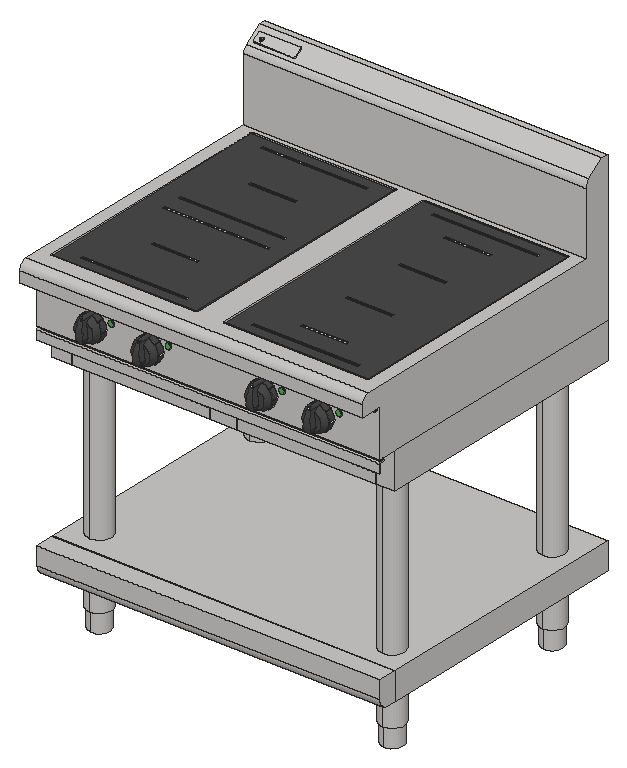
Revit family "QF_Moffat_IN8400R3F-LS_Induction Cooktop_cat", category Specialty Equipment, Revit 2019
Family settings
  Round Connector Dimension = Use Diameter
  Part Type = Normal
  Work Plane-Based = No
  Always vertical = Yes
  Cut with Voids When Loaded = No
  Shared = No
  Room Calculation Point = No
Parameters (values of type "INB8400R3F-LS_415/60/3")
  Weight in Kilograms = 105
  Watts = 17000 W
  Volts = 415 V
  URL Cutsheet = ""
  Specification by User = ""
  Specification by Manufacturer = ""
  Show Logo [instance] = yes
  Serial Number = ""
  Seismic Rating = ""
  SMACNA No = ""
  Revision Code = ""
  Phase = 3
  Number of Poles = 1
  NAFEM Spec ID Number = ""
  Model = "IN8400R3F-LS"
  Min Ckt Ampacity = 0 A
  Max Overcurrent Protection = 0 A
  Masterspec = ""
  Manufacturer = "Moffat"
  Length = 900 mm
  Item Number = ""
  Installed By = ""
  Identify Quantity as Lot = yes
  Height = 1130 mm
  HP = ""
  Furnished By = ""
  Foodservice Equipment Identifier = yes
  FL Amps = 24 A
  Electrical Remarks = ""
  Electric Connection Type = ""
  Elec Conn RI Height = 0 mm
  Elec Conn Connection Height = 0 mm
  Description = "Induction Cooktop"
  Depth = 805 mm
  Cycle = 60 Hz
  Conn Plug = ""
  Conn Conduit = yes
  CSI MasterFormat = ""
  Apparent Power = if(Phase = 3, Volts * FL Amps * 1.73, Volts * FL Amps)  # 17230.8 VA
Reference planes
  plane 1 "BACK": y = 0
  plane 2: z = 0
  plane 3 "LEFT": x = 0
  plane 4 "RIGHT": x = 900
  plane 5 "FRONT": y = -805
  plane 6 "TOP": z = 1130
  plane 7 "Center Y": x = 450
  plane 8 "Center X": y = -402.5
  plane 9: x = 65.5
  plane 10: x = 834.5
  plane 11: y = -30
  plane 12: z = 150
  plane 13: y = -100
  plane 14: y = -625
  plane 15: y = -70
  plane 16: z = 915
  plane 17: x = 770
Forms (mm)
  Extrusion 1, solid, material "QF_Metal_Stainless_Polished"
    sketch origin (0, 0, 560) x (0, 1, 0) y (0, 0, 1)
      loop
        line (0, 180) -> (0, 570) -> (-18.182, 570) -> (-60.863, 538.99)
        arc (-60.863, 538.99) -> (-67.584, 531.121) -> (-70, 521.058) r 22.165
        line (-70, 521.058) -> (-70, 355) -> (-784.417, 355)
        arc (-784.417, 355) -> (-798.971, 348.971) -> (-805, 334.417) r 20.583
        line (-805, 334.417) -> (-805, 305) -> (-749, 305) -> (-749, 180) -> (0, 180)
    from 0 to 900
  Extrusion 2, void
    sketch origin (0, -784.171, 915) x (0, 1, 0) y (-1, 0, 0)
      loop
        arc (699.341, -37.323) -> (697.584, -33.08) -> (693.341, -31.323) r 6
        line (693.341, -31.323) -> (45.245, -31.323)
        arc (45.245, -31.323) -> (41.002, -33.08) -> (39.245, -37.323) r 6
        line (39.245, -37.323) -> (39.245, -410.105)
        arc (39.245, -410.105) -> (41.002, -414.347) -> (45.245, -416.105) r 6
        line (45.245, -416.105) -> (693.341, -416.105)
        arc (693.341, -416.105) -> (697.584, -414.347) -> (699.341, -410.105) r 6
        line (699.341, -410.105) -> (699.341, -37.323)
      loop
        line (699.341, -862.677) -> (699.341, -489.895)
        arc (699.341, -489.895) -> (697.584, -485.653) -> (693.341, -483.895) r 6
        line (693.341, -483.895) -> (45.245, -483.895)
        arc (45.245, -483.895) -> (41.002, -485.653) -> (39.245, -489.895) r 6
        line (39.245, -489.895) -> (39.245, -862.677)
        arc (39.245, -862.677) -> (41.002, -866.92) -> (45.245, -868.677) r 6
        line (45.245, -868.677) -> (693.341, -868.677)
        arc (693.341, -868.677) -> (697.584, -866.92) -> (699.341, -862.677) r 6
    from 0 to -9.5
  Extrusion 3, solid, material "QF_Plastic_Black_Smooth"
    sketch origin (0, -784.171, 915) x (0, 1, 0) y (-1, 0, 0)
      loop
        line (695.341, -410.105) -> (695.341, -37.323)
        arc (695.341, -37.323) -> (694.755, -35.908) -> (693.341, -35.323) r 2
        line (693.341, -35.323) -> (45.245, -35.323)
        arc (45.245, -35.323) -> (43.831, -35.908) -> (43.245, -37.323) r 2
        line (43.245, -37.323) -> (43.245, -410.105)
        arc (43.245, -410.105) -> (43.831, -411.519) -> (45.245, -412.105) r 2
        line (45.245, -412.105) -> (693.341, -412.105)
        arc (693.341, -412.105) -> (694.755, -411.519) -> (695.341, -410.105) r 2
      loop
        line (667.194, -86.598) -> (661.194, -86.598) -> (661.194, -363.75) -> (667.194, -363.75) -> (667.194, -86.598)
      loop
        line (526.611, -163.924) -> (526.611, -283.924) -> (532.611, -283.924) -> (532.611, -163.924) -> (526.611, -163.924)
      loop
        line (398.444, -86.598) -> (392.444, -86.598) -> (392.444, -363.75) -> (398.444, -363.75) -> (398.444, -86.598)
      loop
        line (345.944, -86.598) -> (339.944, -86.598) -> (339.944, -363.75) -> (345.944, -363.75) -> (345.944, -86.598)
      loop
        line (206.611, -163.924) -> (206.611, -283.924) -> (212.611, -283.924) -> (212.611, -163.924) -> (206.611, -163.924)
      loop
        line (77.194, -86.598) -> (71.194, -86.598) -> (71.194, -363.75) -> (77.194, -363.75) -> (77.194, -86.598)
      loop
        arc (695.341, -489.895) -> (694.755, -488.481) -> (693.341, -487.895) r 2
        line (693.341, -487.895) -> (45.245, -487.895)
        arc (45.245, -487.895) -> (43.831, -488.481) -> (43.245, -489.895) r 2
        line (43.245, -489.895) -> (43.245, -862.677)
        arc (43.245, -862.677) -> (43.831, -864.092) -> (45.245, -864.677) r 2
        line (45.245, -864.677) -> (693.341, -864.677)
        arc (693.341, -864.677) -> (694.755, -864.092) -> (695.341, -862.677) r 2
        line (695.341, -862.677) -> (695.341, -489.895)
      loop
        line (667.194, -813.402) -> (667.194, -536.25) -> (661.194, -536.25) -> (661.194, -813.402) -> (667.194, -813.402)
      loop
        line (601.611, -736.076) -> (607.611, -736.076) -> (607.611, -616.076) -> (601.611, -616.076) -> (601.611, -736.076)
      loop
        line (279.111, -736.076) -> (285.111, -736.076) -> (285.111, -616.076) -> (279.111, -616.076) -> (279.111, -736.076)
      loop
        line (77.194, -813.402) -> (77.194, -536.25) -> (71.194, -536.25) -> (71.194, -813.402) -> (77.194, -813.402)
      loop
        line (454.501, -736.076) -> (460.501, -736.076) -> (460.501, -616.076) -> (454.501, -616.076) -> (454.501, -736.076)
      loop
        line (131.211, -736.076) -> (137.211, -736.076) -> (137.211, -616.076) -> (131.211, -616.076) -> (131.211, -736.076)
    from 0 to -9.5
  Extrusion 4, solid, material "QF_Metal_Stainless_Polished"
    sketch origin (0, 0, 600) x (0, 1, 0) y (0, 0, 1)
      loop
        line (-739.467, 140) -> (-738.192, 134.838)
        arc (-738.192, 134.838) -> (-738.307, 134.302) -> (-738.799, 134.063) r 0.625
        line (-738.799, 134.063) -> (-746.111, 134.063)
        arc (-746.111, 134.063) -> (-748.011, 133.276) -> (-748.797, 131.377) r 2.686
        line (-748.797, 131.377) -> (-748.797, 107.627) -> (-747.197, 107.627) -> (-747.197, 131.242)
        arc (-747.197, 131.242) -> (-746.84, 132.105) -> (-745.976, 132.463) r 1.221
        line (-745.976, 132.463) -> (-738.755, 132.463)
        arc (-738.755, 132.463) -> (-737.028, 133.304) -> (-736.625, 135.182) r 2.194
        line (-736.625, 135.182) -> (-737.815, 140) -> (-739.467, 140)
    from 0 to 900
  Extrusion 5, solid, material "QF_Plastic_Black_Smooth"
    sketch origin (0, -749, 741.875) x (0, 0, 1) y (-1, 0, 0)
      loop
        circle (112.843, -13.157) r 5
      loop
        circle (112.843, -886.843) r 5
    from 0 to 1.6
  Extrusion 6, solid, material "QF_Metal_Stainless_Polished"
    sketch origin (450, -699, 645) x (0, 1, 0) y (1, 0, 0)
      loop
        circle (669, 320) r 6.35
    from 0 to 10
  Extrusion 7, solid, material "QF_Metal_Stainless_Polished"
    sketch origin (0, -699, 645) x (1, 0, 0) y (0, -1, 0)
      loop
        line (0, -699) -> (900, -699) -> (900, 0) -> (849.2, 0) -> (849.2, -25.4) -> (485.8, -25.4) -> (485.8, 0) -> (414.2, 0) -> (414.2, -25.4) -> (50.8, -25.4) -> (50.8, 0) -> (0, 0) -> (0, -699)
    from 0 to -95
  Extrusion 8, solid, material "QF_Metal_Stainless_Polished"
    sketch origin (50.8, -30, 645) x (0, 1, 0) y (0, 0, 1)
      loop
        line (-669, 0) -> (-643.6, 0) -> (-643.6, 26.45) -> (-669, 26.45) -> (-669, 0)
      loop
        line (-669, 32.45) -> (-643.6, 32.45) -> (-643.6, 66.4) -> (-669, 66.4) -> (-669, 32.45)
      loop
        line (-669, 67.4) -> (-643.6, 67.4) -> (-643.6, 95) -> (-669, 95) -> (-669, 67.4)
    from 0 to 363.4
  Extrusion 9, solid, material "QF_Metal_Stainless_Polished"
    sketch origin (900, 0, 560) x (-1, 0, 0) y (0, -1, 0)
      loop
        line (536.25, 122.976) -> (536.25, 116.976) -> (813.402, 116.976) -> (813.402, 122.976) -> (536.25, 122.976)
      loop
        line (736.076, 251.56) -> (736.076, 257.56) -> (616.076, 257.56) -> (616.076, 251.56) -> (736.076, 251.56)
      loop
        line (813.402, 385.726) -> (813.402, 391.726) -> (536.25, 391.726) -> (536.25, 385.726) -> (813.402, 385.726)
      loop
        line (813.402, 438.226) -> (813.402, 444.226) -> (536.25, 444.226) -> (536.25, 438.226) -> (813.402, 438.226)
      loop
        line (736.076, 571.56) -> (736.076, 577.56) -> (616.076, 577.56) -> (616.076, 571.56) -> (736.076, 571.56)
      loop
        line (536.25, 712.976) -> (536.25, 706.976) -> (813.402, 706.976) -> (813.402, 712.976) -> (536.25, 712.976)
      loop
        line (86.598, 712.976) -> (86.598, 706.976) -> (363.75, 706.976) -> (363.75, 712.976) -> (86.598, 712.976)
      loop
        line (163.924, 652.959) -> (163.924, 646.959) -> (283.924, 646.959) -> (283.924, 652.959) -> (163.924, 652.959)
      loop
        line (163.924, 505.06) -> (163.924, 499.06) -> (283.924, 499.06) -> (283.924, 505.06) -> (163.924, 505.06)
      loop
        line (163.924, 329.669) -> (163.924, 323.669) -> (283.924, 323.669) -> (283.924, 329.669) -> (163.924, 329.669)
      loop
        line (163.924, 182.56) -> (163.924, 176.56) -> (283.924, 176.56) -> (283.924, 182.56) -> (163.924, 182.56)
      loop
        line (86.598, 122.976) -> (86.598, 116.976) -> (363.75, 116.976) -> (363.75, 122.976) -> (86.598, 122.976)
    from 355 to 345.5
  Extrusion 10, solid, material "QF_Paint_Green"
    sketch origin (63.231, -748.999, 713.75) x (0, 0, 1) y (-1, 0, 0)
      loop
        circle (100.3, -282.5) r 7.15
    from 0 to 1.6
  Extrusion 11, solid, material "QF_Plastic_Black_Smooth"
    sketch origin (75, -748.999, 725.625) x (0, 0, 1) y (-1, 0, 0)
      loop
        circle (112.843, -225) r 5
    from 0 to 1.6
  Extrusion 12, solid, material "QF_Paint_Green"
    sketch origin (-86.769, -748.999, 713.75) x (0, 0, 1) y (-1, 0, 0)
      loop
        circle (100.3, -282.5) r 7.15
    from 0 to 1.6
  Extrusion 13, solid, material "QF_Plastic_Black_Smooth"
    sketch origin (-75, -748.999, 725.625) x (0, 0, 1) y (-1, 0, 0)
      loop
        circle (112.843, -225) r 5
    from 0 to 1.6
  Extrusion 14, solid, material "QF_Paint_Green"
    sketch origin (511.981, -748.999, 713.75) x (0, 0, 1) y (-1, 0, 0)
      loop
        circle (100.3, -282.5) r 7.15
    from 0 to 1.6
  Extrusion 15, solid, material "QF_Plastic_Black_Smooth"
    sketch origin (523.75, -748.999, 725.625) x (0, 0, 1) y (-1, 0, 0)
      loop
        circle (112.843, -225) r 5
    from 0 to 1.6
  Extrusion 16, solid, material "QF_Paint_Green"
    sketch origin (361.981, -748.999, 713.75) x (0, 0, 1) y (-1, 0, 0)
      loop
        circle (100.3, -282.5) r 7.15
    from 0 to 1.6
  Extrusion 17, solid, material "QF_Plastic_Black_Smooth"
    sketch origin (373.75, -748.999, 725.625) x (0, 0, 1) y (-1, 0, 0)
      loop
        circle (112.843, -225) r 5
    from 0 to 1.6
  Extrusion 18, solid, material "QF_Metal_Stainless_Polished"
    sketch origin (849.2, -30, 645) x (0, 1, 0) y (0, 0, -1)
      loop
        line (-669, 0) -> (-669, -26.45) -> (-643.6, -26.45) -> (-643.6, 0) -> (-669, 0)
      loop
        line (-669, -32.45) -> (-669, -66.4) -> (-643.6, -66.4) -> (-643.6, -32.45) -> (-669, -32.45)
      loop
        line (-669, -67.4) -> (-669, -95) -> (-643.6, -95) -> (-643.6, -67.4) -> (-669, -67.4)
    from 0 to 363.4
Cuts and joins
  Extrusion 2 cuts Extrusion 1
Lines and regions (mm)
  symbolic lines
    curve 1: line (0, 0, 0) -> (900, 0, 0)
    curve 2: line (0, -805, 0) -> (0, 0, 0)
    curve 3: line (900, -805, 0) -> (0, -805, 0)
    curve 4: line (900, 0, 0) -> (900, -805, 0)
    curve 5: line (0, -18.182, 0) -> (900, -18.182, 0)
    curve 6: line (0, -70, 0) -> (450, -70, 0)
    curve 7: line (37.323, -84.83, 0) -> (410.105, -84.83, 0)
    curve 8: arc (410.105, -84.83, 0) -> (414.347, -86.587, 0) -> (416.105, -90.83, 0) r 6
    curve 9: line (416.105, -90.83, 0) -> (416.105, -738.926, 0)
    curve 10: arc (416.105, -738.926, 0) -> (414.347, -743.168, 0) -> (410.105, -744.926, 0) r 6
    curve 11: line (410.105, -744.926, 0) -> (37.323, -744.926, 0)
    curve 12: arc (37.323, -744.926, 0) -> (33.08, -743.168, 0) -> (31.323, -738.926, 0) r 6
    curve 13: line (31.323, -738.926, 0) -> (31.323, -90.83, 0)
    curve 14: arc (31.323, -90.83, 0) -> (33.08, -86.587, 0) -> (37.323, -84.83, 0) r 6
    curve 15: line (410.105, -88.83, 0) -> (37.323, -88.83, 0)
    curve 16: arc (37.323, -88.83, 0) -> (35.908, -89.415, 0) -> (35.323, -90.83, 0) r 2
    curve 17: line (35.323, -90.83, 0) -> (35.323, -738.926, 0)
    curve 18: arc (35.323, -738.926, 0) -> (35.908, -740.34, 0) -> (37.323, -740.926, 0) r 2
    curve 19: line (37.323, -740.926, 0) -> (410.105, -740.926, 0)
    curve 20: arc (410.105, -740.926, 0) -> (411.519, -740.34, 0) -> (412.105, -738.926, 0) r 2
    curve 21: line (412.105, -738.926, 0) -> (412.105, -90.83, 0)
    curve 22: arc (412.105, -90.83, 0) -> (411.519, -89.415, 0) -> (410.105, -88.83, 0) r 2
    curve 23: line (416.105, -738.926, 0) -> (416.105, -90.83, 0)
    curve 24: line (412.105, -90.83, 0) -> (412.105, -738.926, 0)
    curve 25: line (862.677, -84.83, 0) -> (489.895, -84.83, 0)
    curve 26: arc (489.895, -84.83, 0) -> (485.653, -86.587, 0) -> (483.895, -90.83, 0) r 6
    curve 27: arc (483.895, -738.926, 0) -> (485.653, -743.168, 0) -> (489.895, -744.926, 0) r 6
    curve 28: line (489.895, -744.926, 0) -> (862.677, -744.926, 0)
    curve 29: arc (862.677, -744.926, 0) -> (866.92, -743.168, 0) -> (868.677, -738.926, 0) r 6
    curve 30: line (868.677, -738.926, 0) -> (868.677, -90.83, 0)
    curve 31: arc (868.677, -90.83, 0) -> (866.92, -86.587, 0) -> (862.677, -84.83, 0) r 6
    curve 32: line (489.895, -88.83, 0) -> (862.677, -88.83, 0)
    curve 33: arc (862.677, -88.83, 0) -> (864.092, -89.415, 0) -> (864.677, -90.83, 0) r 2
    curve 34: line (864.677, -90.83, 0) -> (864.677, -738.926, 0)
    curve 35: arc (864.677, -738.926, 0) -> (864.092, -740.34, 0) -> (862.677, -740.926, 0) r 2
    curve 36: line (862.677, -740.926, 0) -> (489.895, -740.926, 0)
    curve 37: arc (489.895, -740.926, 0) -> (488.481, -740.34, 0) -> (487.895, -738.926, 0) r 2
    curve 38: arc (487.895, -90.83, 0) -> (488.481, -89.415, 0) -> (489.895, -88.83, 0) r 2
    curve 39: line (487.895, -90.83, 0) -> (487.895, -738.926, 0)
    curve 40: arc (487.895, -738.926, 0) -> (488.481, -740.34, 0) -> (489.895, -740.926, 0) r 2
    curve 41: line (489.895, -740.926, 0) -> (862.677, -740.926, 0)
    curve 42: arc (862.677, -740.926, 0) -> (864.092, -740.34, 0) -> (864.677, -738.926, 0) r 2
    curve 43: line (864.677, -738.926, 0) -> (864.677, -90.83, 0)
    curve 44: arc (864.677, -90.83, 0) -> (864.092, -89.415, 0) -> (862.677, -88.83, 0) r 2
    curve 45: line (862.677, -88.83, 0) -> (489.895, -88.83, 0)
    curve 46: arc (489.895, -88.83, 0) -> (488.481, -89.415, 0) -> (487.895, -90.83, 0) r 2
    curve 47: line (483.895, -90.83, 0) -> (483.895, -738.926, 0)
    curve 48: arc (483.895, -738.926, 0) -> (485.653, -743.168, 0) -> (489.895, -744.926, 0) r 6
    curve 49: line (489.895, -744.926, 0) -> (862.677, -744.926, 0)
    curve 50: arc (862.677, -744.926, 0) -> (866.92, -743.168, 0) -> (868.677, -738.926, 0) r 6
    curve 51: line (868.677, -738.926, 0) -> (868.677, -90.83, 0)
    curve 52: arc (868.677, -90.83, 0) -> (866.92, -86.587, 0) -> (862.677, -84.83, 0) r 6
    curve 53: line (862.677, -84.83, 0) -> (489.895, -84.83, 0)
    curve 54: arc (489.895, -84.83, 0) -> (485.653, -86.587, 0) -> (483.895, -90.83, 0) r 6
    curve 55: line (86.598, -122.976, 0) -> (363.75, -122.976, 0)
    curve 56: line (363.75, -122.976, 0) -> (363.75, -116.976, 0)
    curve 57: line (363.75, -116.976, 0) -> (86.598, -116.976, 0)
    curve 58: line (86.598, -116.976, 0) -> (86.598, -122.976, 0)
    curve 59: line (283.924, -251.56, 0) -> (163.924, -251.56, 0)
    curve 60: line (163.924, -251.56, 0) -> (163.924, -257.56, 0)
    curve 61: line (163.924, -257.56, 0) -> (283.924, -257.56, 0)
    curve 62: line (283.924, -257.56, 0) -> (283.924, -251.56, 0)
    curve 63: line (536.25, -122.976, 0) -> (813.402, -122.976, 0)
    curve 64: line (813.402, -122.976, 0) -> (813.402, -116.976, 0)
    curve 65: line (813.402, -116.976, 0) -> (536.25, -116.976, 0)
    curve 66: line (536.25, -116.976, 0) -> (536.25, -122.976, 0)
    curve 67: line (736.076, -176.56, 0) -> (616.076, -176.56, 0)
    curve 68: line (616.076, -176.56, 0) -> (616.076, -182.56, 0)
    curve 69: line (616.076, -182.56, 0) -> (736.076, -182.56, 0)
    curve 70: line (736.076, -182.56, 0) -> (736.076, -176.56, 0)
    curve 71: line (736.076, -323.669, 0) -> (616.076, -323.669, 0)
    curve 72: line (616.076, -323.669, 0) -> (616.076, -329.669, 0)
    curve 73: line (616.076, -329.669, 0) -> (736.076, -329.669, 0)
    curve 74: line (736.076, -329.669, 0) -> (736.076, -323.669, 0)
    curve 75: line (736.076, -499.06, 0) -> (616.076, -499.06, 0)
    curve 76: line (616.076, -499.06, 0) -> (616.076, -505.06, 0)
    curve 77: line (616.076, -505.06, 0) -> (736.076, -505.06, 0)
    curve 78: line (736.076, -505.06, 0) -> (736.076, -499.06, 0)
    curve 79: line (736.076, -646.959, 0) -> (616.076, -646.959, 0)
    curve 80: line (616.076, -646.959, 0) -> (616.076, -652.959, 0)
    curve 81: line (616.076, -652.959, 0) -> (736.076, -652.959, 0)
    curve 82: line (736.076, -652.959, 0) -> (736.076, -646.959, 0)
    curve 83: line (813.402, -706.976, 0) -> (536.25, -706.976, 0)
    curve 84: line (536.25, -706.976, 0) -> (536.25, -712.976, 0)
    curve 85: line (536.25, -712.976, 0) -> (813.402, -712.976, 0)
    curve 86: line (813.402, -712.976, 0) -> (813.402, -706.976, 0)
    curve 87: line (86.598, -712.976, 0) -> (363.75, -712.976, 0)
    curve 88: line (363.75, -712.976, 0) -> (363.75, -706.976, 0)
    curve 89: line (363.75, -706.976, 0) -> (86.598, -706.976, 0)
    curve 90: line (86.598, -706.976, 0) -> (86.598, -712.976, 0)
    curve 91: line (283.924, -577.56, 0) -> (163.924, -577.56, 0)
    curve 92: line (163.924, -577.56, 0) -> (163.924, -571.56, 0)
    curve 93: line (163.924, -571.56, 0) -> (283.924, -571.56, 0)
    curve 94: line (283.924, -571.56, 0) -> (283.924, -577.56, 0)
    curve 95: line (86.598, -444.226, 0) -> (363.75, -444.226, 0)
    curve 96: line (363.75, -444.226, 0) -> (363.75, -438.226, 0)
    curve 97: line (363.75, -438.226, 0) -> (86.598, -438.226, 0)
    curve 98: line (86.598, -438.226, 0) -> (86.598, -444.226, 0)
    curve 99: line (86.598, -391.726, 0) -> (363.75, -391.726, 0)
    curve 100: line (363.75, -391.726, 0) -> (363.75, -385.726, 0)
    curve 101: line (363.75, -385.726, 0) -> (86.598, -385.726, 0)
    curve 102: line (86.598, -385.726, 0) -> (86.598, -391.726, 0)
    curve 103: line (0, 0, 560) -> (900, 0, 560)
    curve 104: line (0, -805, 560) -> (0, 0, 560)
    curve 105: line (900, -805, 560) -> (0, -805, 560)
    curve 106: line (900, 0, 560) -> (900, -805, 560)
    curve 107: line (0, -18.182, 560) -> (900, -18.182, 560)
    curve 108: line (0, -70, 560) -> (900, -70, 560)
    curve 109: line (416.105, -90.83, 560) -> (416.105, -738.926, 560)
    curve 110: line (412.105, -738.926, 560) -> (412.105, -90.83, 560)
    curve 111: line (416.105, -738.926, 560) -> (416.105, -90.83, 560)
    curve 112: line (412.105, -90.83, 560) -> (412.105, -738.926, 560)
    curve 113: line (862.677, -84.83, 560) -> (489.895, -84.83, 560)
    curve 114: arc (483.895, -738.926, 560) -> (485.653, -743.168, 560) -> (489.895, -744.926, 560) r 6
    curve 115: line (489.895, -744.926, 560) -> (862.677, -744.926, 560)
    curve 116: arc (862.677, -744.926, 560) -> (866.92, -743.168, 560) -> (868.677, -738.926, 560) r 6
    curve 117: arc (864.677, -738.926, 560) -> (864.092, -740.34, 560) -> (862.677, -740.926, 560) r 2
    curve 118: line (862.677, -740.926, 560) -> (489.895, -740.926, 560)
    curve 119: arc (489.895, -740.926, 560) -> (488.481, -740.34, 560) -> (487.895, -738.926, 560) r 2
    curve 120: arc (487.895, -738.926, 560) -> (488.481, -740.34, 560) -> (489.895, -740.926, 560) r 2
    curve 121: line (489.895, -740.926, 560) -> (862.677, -740.926, 560)
    curve 122: arc (862.677, -740.926, 560) -> (864.092, -740.34, 560) -> (864.677, -738.926, 560) r 2
    curve 123: arc (483.895, -738.926, 560) -> (485.653, -743.168, 560) -> (489.895, -744.926, 560) r 6
    curve 124: line (489.895, -744.926, 560) -> (862.677, -744.926, 560)
    curve 125: arc (862.677, -744.926, 560) -> (866.92, -743.168, 560) -> (868.677, -738.926, 560) r 6
    curve 126: line (86.598, -122.976, 560) -> (363.75, -122.976, 560)
    curve 127: line (363.75, -122.976, 560) -> (363.75, -116.976, 560)
    curve 128: line (363.75, -116.976, 560) -> (86.598, -116.976, 560)
    curve 129: line (86.598, -116.976, 560) -> (86.598, -122.976, 560)
    curve 130: line (283.924, -251.56, 560) -> (163.924, -251.56, 560)
    curve 131: line (163.924, -251.56, 560) -> (163.924, -257.56, 560)
    curve 132: line (163.924, -257.56, 560) -> (283.924, -257.56, 560)
    curve 133: line (283.924, -257.56, 560) -> (283.924, -251.56, 560)
    curve 134: line (536.25, -122.976, 560) -> (813.402, -122.976, 560)
    curve 135: line (813.402, -122.976, 560) -> (813.402, -116.976, 560)
    curve 136: line (813.402, -116.976, 560) -> (536.25, -116.976, 560)
    curve 137: line (536.25, -116.976, 560) -> (536.25, -122.976, 560)
    curve 138: line (736.076, -176.56, 560) -> (616.076, -176.56, 560)
    curve 139: line (616.076, -176.56, 560) -> (616.076, -182.56, 560)
    curve 140: line (616.076, -182.56, 560) -> (736.076, -182.56, 560)
    curve 141: line (736.076, -182.56, 560) -> (736.076, -176.56, 560)
    curve 142: line (736.076, -323.669, 560) -> (616.076, -323.669, 560)
    curve 143: line (616.076, -323.669, 560) -> (616.076, -329.669, 560)
    curve 144: line (616.076, -329.669, 560) -> (736.076, -329.669, 560)
    curve 145: line (736.076, -329.669, 560) -> (736.076, -323.669, 560)
    curve 146: line (736.076, -499.06, 560) -> (616.076, -499.06, 560)
    curve 147: line (616.076, -499.06, 560) -> (616.076, -505.06, 560)
    curve 148: line (616.076, -505.06, 560) -> (736.076, -505.06, 560)
    curve 149: line (736.076, -505.06, 560) -> (736.076, -499.06, 560)
    curve 150: line (736.076, -646.959, 560) -> (616.076, -646.959, 560)
    curve 151: line (616.076, -646.959, 560) -> (616.076, -652.959, 560)
    curve 152: line (616.076, -652.959, 560) -> (736.076, -652.959, 560)
    curve 153: line (736.076, -652.959, 560) -> (736.076, -646.959, 560)
    curve 154: line (813.402, -706.976, 560) -> (536.25, -706.976, 560)
    curve 155: line (536.25, -706.976, 560) -> (536.25, -712.976, 560)
    curve 156: line (536.25, -712.976, 560) -> (813.402, -712.976, 560)
    curve 157: line (813.402, -712.976, 560) -> (813.402, -706.976, 560)
    curve 158: line (86.598, -712.976, 560) -> (363.75, -712.976, 560)
    curve 159: line (363.75, -712.976, 560) -> (363.75, -706.976, 560)
    curve 160: line (363.75, -706.976, 560) -> (86.598, -706.976, 560)
    curve 161: line (86.598, -706.976, 560) -> (86.598, -712.976, 560)
    curve 162: line (283.924, -577.56, 560) -> (163.924, -577.56, 560)
    curve 163: line (163.924, -577.56, 560) -> (163.924, -571.56, 560)
    curve 164: line (163.924, -571.56, 560) -> (283.924, -571.56, 560)
    curve 165: line (283.924, -571.56, 560) -> (283.924, -577.56, 560)
    curve 166: line (86.598, -444.226, 560) -> (363.75, -444.226, 560)
    curve 167: line (363.75, -444.226, 560) -> (363.75, -438.226, 560)
    curve 168: line (363.75, -438.226, 560) -> (86.598, -438.226, 560)
    curve 169: line (86.598, -438.226, 560) -> (86.598, -444.226, 560)
    curve 170: line (86.598, -391.726, 560) -> (363.75, -391.726, 560)
    curve 171: line (363.75, -391.726, 560) -> (363.75, -385.726, 560)
    curve 172: line (363.75, -385.726, 560) -> (86.598, -385.726, 560)
    curve 173: line (86.598, -385.726, 560) -> (86.598, -391.726, 560)
Dimensions and locks
  equal spacing: plane 3 "LEFT", plane 7 "Center Y", plane 4 "RIGHT"
  "Length": plane 3 "LEFT" to plane 4 "RIGHT"
  equal spacing: plane 5 "FRONT", plane 8 "Center X", plane 1 "BACK"
  "Depth": plane 5 "FRONT" to plane 1 "BACK"
  "Height": plane 6 "TOP" to level
  plane 9 to plane 10 = 769 mm
  plane 4 "RIGHT" to plane 3 "LEFT" = 900 mm
  plane 6 "TOP" to plane 2 = 1130 mm
  plane 1 "BACK" to plane 11 = 30 mm
  plane 1 "BACK" to plane 13 to plane 14 = 100 mm, 525 mm
  plane 1 "BACK" to plane 15 = 70 mm
  plane 16 to level = 915 mm  (x2)
  level to plane 12 = 150 mm
  plane 12 to level = 150 mm
  plane 4 "RIGHT" to plane 17 = 130 mm
  plane 1 "BACK" to plane 5 "FRONT" = 805 mm
  locked: plane 10 to plane 4 "RIGHT" at 65.5
  aligned and locked: level to plane 2
  aligned and locked: plane 7 "Center Y" to nested 1
  aligned and locked: plane 8 "Center X" to nested 1
  aligned and locked: Extrusion 18 to Extrusion 7  (x2)
Automatic sketch dimensions
  curve 8 to curve 22 = 0 mm  (x2)
  curve 10 to curve 20 = 0 mm  (x2)
  curve 12 to curve 18 = 0 mm  (x2)
  curve 14 to curve 16 = 0 mm  (x2)
  curve 26 to curve 38 = 0 mm  (x2)
  curve 26 to curve 46 = 0 mm  (x2)
  curve 26 to curve 54 = 0 mm  (x2)
  curve 27 to curve 37 = 0 mm  (x2)
  curve 27 to curve 40 = 0 mm  (x2)
  curve 27 to curve 48 = 0 mm  (x2)
  curve 29 to curve 35 = 0 mm  (x2)
  curve 29 to curve 42 = 0 mm  (x2)
  curve 29 to curve 50 = 0 mm  (x2)
  curve 31 to curve 33 = 0 mm  (x2)
  curve 31 to curve 44 = 0 mm  (x2)
  curve 31 to curve 52 = 0 mm  (x2)
  curve 33 to curve 44 = 0 mm  (x2)
  curve 33 to curve 52 = 0 mm  (x2)
  curve 35 to curve 42 = 0 mm  (x2)
  curve 35 to curve 50 = 0 mm  (x2)
  curve 37 to curve 40 = 0 mm  (x2)
  curve 37 to curve 48 = 0 mm  (x2)
  curve 38 to curve 46 = 0 mm  (x2)
  curve 38 to curve 54 = 0 mm  (x2)
  curve 40 to curve 48 = 0 mm  (x2)
  curve 42 to curve 50 = 0 mm  (x2)
  curve 44 to curve 52 = 0 mm  (x2)
  curve 46 to curve 54 = 0 mm  (x2)
  plane 1 "BACK" to curve 1 = 0 mm
  curve 1 to plane 3 "LEFT" = 0 mm
  curve 6 to plane 7 "Center Y" = 0 mm
  curve 5 to plane 4 "RIGHT" = 0 mm
  plane 5 "FRONT" to curve 3 = 0 mm
  plane 15 to curve 6 = 0 mm
  plane 3 "LEFT" to curve 13 = 31.323 mm
  curve 13 to curve 17 = 4 mm
  curve 17 to curve 16 = 2 mm
  curve 17 to curve 18 = 2 mm
  curve 102 to plane 9 = 21.098 mm
  curve 57 to plane 9 = 21.098 mm
  curve 87 to plane 9 = 21.098 mm
  curve 95 to plane 9 = 21.098 mm
  curve 91 to plane 14 = 47.44 mm
  curve 91 to plane 9 = 98.424 mm
  curve 60 to plane 9 = 98.424 mm
  curve 60 to curve 61 = 120 mm
  curve 93 to plane 14 = 53.44 mm
  curve 92 to curve 93 = 120 mm
  curve 96 to plane 8 "Center X" = 41.726 mm
  curve 96 to plane 7 "Center Y" = 86.25 mm
  plane 8 "Center X" to curve 99 = 10.774 mm
  curve 99 to curve 96 = 0 mm
  plane 13 to curve 56 = 16.976 mm
  curve 56 to plane 7 "Center Y" = 86.25 mm
  curve 89 to plane 7 "Center Y" = 86.25 mm
  curve 8 to plane 13 = 9.17 mm
  curve 8 to plane 7 "Center Y" = 39.895 mm
  curve 10 to plane 7 "Center Y" = 39.895 mm
  curve 8 to curve 21 = 2 mm
  plane 7 "Center Y" to curve 47 = 33.895 mm
  curve 27 to curve 39 = 4 mm
  curve 38 to curve 46 = 2 mm
  curve 37 to curve 36 = 2 mm
  plane 13 to curve 66 = 22.976 mm
  curve 26 to curve 66 = 46.355 mm
  curve 27 to curve 85 = 46.355 mm
  curve 63 to curve 67 = 79.826 mm
  curve 77 to plane 17 = 153.924 mm
  plane 14 to curve 80 = 21.959 mm
  curve 83 to curve 80 = 79.826 mm
  plane 8 "Center X" to curve 73 = 72.831 mm
  curve 73 to curve 68 = 0 mm
  curve 77 to plane 17 = 33.924 mm
  curve 67 to plane 17 = 33.924 mm
  curve 71 to plane 17 = 33.924 mm
  curve 79 to plane 17 = 33.924 mm
  plane 10 to curve 63 = 21.098 mm
  plane 10 to curve 85 = 21.098 mm
  curve 42 to plane 10 = 28.177 mm
  curve 32 to plane 13 = 11.17 mm
  curve 32 to plane 10 = 28.177 mm
  curve 31 to curve 34 = 2 mm
  curve 49 to plane 5 "FRONT" = 60.074 mm
  curve 11 to plane 5 "FRONT" = 60.074 mm
  curve 27 to curve 84 = 25.949 mm
  curve 10 to curve 87 = 25.949 mm
  curve 85 to curve 83 = 6 mm
  curve 87 to curve 90 = 6 mm
  curve 81 to curve 79 = 6 mm
  curve 78 to plane 8 "Center X" = 102.56 mm
  curve 77 to curve 75 = 6 mm
  curve 95 to curve 98 = 6 mm
  curve 99 to curve 100 = 6 mm
  curve 73 to curve 74 = 6 mm
  plane 8 "Center X" to curve 62 = 144.94 mm
  curve 61 to curve 62 = 6 mm
  plane 13 to curve 70 = 82.56 mm
  curve 68 to curve 68 = 6 mm
  curve 58 to curve 57 = 6 mm
  curve 63 to curve 65 = 6 mm
  curve 5 to plane 11 = 11.818 mm
  Extrusion 1 sketch curve to plane 5 "FRONT" = 0 mm
  Extrusion 1 sketch curve to plane 16 = 0 mm
  Extrusion 1 sketch curve to plane 15 = 0 mm
  Extrusion 1 sketch curve to plane 6 "TOP" = 0 mm
  Extrusion 1 sketch curve to plane 1 "BACK" = 0 mm
  Extrusion 1 sketch curve to plane 5 "FRONT" = 20.583 mm
  Extrusion 1 sketch curve to plane 5 "FRONT" = 56 mm
  Extrusion 1 sketch curve to plane 15 = 9.137 mm
  plane 11 to Extrusion 1 sketch curve = 17.835 mm
  Extrusion 1 sketch curve to plane 11 = 11.818 mm
  Extrusion 1 sketch curve to Extrusion 1 sketch curve = 29.417 mm
  Extrusion 1 sketch curve to plane 16 = 175 mm
  Extrusion 1 sketch curve to plane 6 "TOP" = 48.942 mm
  Extrusion 2 sketch curve to Extrusion 1 = 39.492 mm  (x2)
  Extrusion 2 sketch curve to Extrusion 2 sketch curve = 6 mm  (x6)
  Extrusion 1 to Extrusion 2 sketch curve = 20.83 mm  (x4)
  Extrusion 1 to Extrusion 2 sketch curve = 31.323 mm
  Extrusion 2 sketch curve to Extrusion 2 sketch curve = 372.782 mm
  Extrusion 2 sketch curve to Extrusion 2 sketch curve = 67.791 mm
  Extrusion 1 to Extrusion 2 sketch curve = 37.323 mm
  Extrusion 3 sketch curve to Extrusion 1 = 43.492 mm  (x2)
  Extrusion 3 sketch curve to Extrusion 3 sketch curve = 2 mm  (x6)
  Extrusion 3 sketch curve to Extrusion 3 sketch curve = 25.949 mm  (x2)
  Extrusion 3 sketch curve to Extrusion 3 sketch curve = 6 mm  (x12)
  Extrusion 3 sketch curve to Extrusion 3 sketch curve = 54.017 mm
  Extrusion 3 sketch curve to Extrusion 3 sketch curve = 129.416 mm
  Extrusion 3 sketch curve to Extrusion 3 sketch curve = 141.899 mm
  Extrusion 3 sketch curve to Extrusion 3 sketch curve = 127.334 mm
  Extrusion 3 sketch curve to Extrusion 3 sketch curve = 46.5 mm
  Extrusion 3 sketch curve to Extrusion 3 sketch curve = 169.391 mm
  Extrusion 3 sketch curve to Extrusion 3 sketch curve = 128.166 mm
  Extrusion 1 to Extrusion 3 sketch curve = 112.56 mm
  Extrusion 1 to Extrusion 3 sketch curve = 52.976 mm  (x2)
  Extrusion 1 to Extrusion 3 sketch curve = 20.83 mm  (x4)
  Extrusion 1 to Extrusion 3 sketch curve = 35.323 mm
  Extrusion 3 sketch curve to Extrusion 3 sketch curve = 49.275 mm  (x2)
  Extrusion 3 sketch curve to Extrusion 3 sketch curve = 77.326 mm  (x2)
  Extrusion 1 to Extrusion 3 sketch curve = 163.924 mm
  Extrusion 3 sketch curve to Extrusion 3 sketch curve = 0 mm  (x3)
  Extrusion 3 sketch curve to Extrusion 3 sketch curve = 120 mm  (x6)
  Extrusion 3 sketch curve to Extrusion 3 sketch curve = 79.826 mm  (x4)
  Extrusion 3 sketch curve to Extrusion 3 sketch curve = 46.355 mm  (x3)
  Extrusion 3 sketch curve to Extrusion 3 sketch curve = 75.791 mm
  Extrusion 3 sketch curve to Extrusion 3 sketch curve = 252.326 mm
  Extrusion 1 to Extrusion 3 sketch curve = 86.598 mm  (x3)
  Extrusion 1 to Extrusion 3 sketch curve = 37.323 mm
  Extrusion 4 sketch curve to plane 5 "FRONT" = 56.203 mm
  Extrusion 4 sketch curve to Extrusion 4 sketch curve = 1.6 mm
  Extrusion 4 sketch curve to Extrusion 4 sketch curve = 1.086 mm
  Extrusion 4 sketch curve to Extrusion 4 sketch curve = 0.135 mm  (x2)
  Extrusion 4 sketch curve to Extrusion 4 sketch curve = 6.644 mm
  Extrusion 4 sketch curve to Extrusion 4 sketch curve = 0.668 mm
  Extrusion 4 sketch curve to Extrusion 4 sketch curve = 0.044 mm
  Extrusion 4 sketch curve to Extrusion 4 sketch curve = 0.563 mm
  Extrusion 4 sketch curve to Extrusion 4 sketch curve = 1.652 mm
  Extrusion 4 sketch curve to Extrusion 4 sketch curve = 1.567 mm
  Extrusion 4 sketch curve to plane 16 = 207.373 mm
  Extrusion 4 sketch curve to Extrusion 4 sketch curve = 23.614 mm
  Extrusion 4 sketch curve to Extrusion 4 sketch curve = 0.594 mm
  Extrusion 4 sketch curve to Extrusion 4 sketch curve = 0.032 mm
  Extrusion 4 sketch curve to Extrusion 4 sketch curve = 5.162 mm
  Extrusion 1 to Extrusion 5 sketch curve = 10.282 mm  (x2)
  Extrusion 1 to Extrusion 5 sketch curve = 13.157 mm  (x2)
  Extrusion 7 to Extrusion 6 sketch curve = 30 mm
  Extrusion 6 sketch curve to Extrusion 7 = 79.2 mm
  Extrusion 7 sketch curve to plane 3 "LEFT" = 0 mm
  Extrusion 7 sketch curve to plane 4 "RIGHT" = 0 mm
  plane 1 "BACK" to Extrusion 7 sketch curve = 0 mm
  plane 9 to Extrusion 7 sketch curve = 14.7 mm
  Extrusion 7 sketch curve to plane 7 "Center Y" = 35.8 mm
  plane 7 "Center Y" to Extrusion 7 sketch curve = 35.8 mm
  Extrusion 7 sketch curve to plane 10 = 14.7 mm
  plane 14 to Extrusion 7 sketch curve = 48.6 mm  (x2)
  Extrusion 7 sketch curve to Extrusion 7 sketch curve = 25.4 mm  (x3)
  Extrusion 8 sketch curve to Extrusion 7 = 0 mm  (x8)
  Extrusion 7 to Extrusion 8 sketch curve = 26.45 mm
  Extrusion 8 sketch curve to Extrusion 8 sketch curve = 6 mm
  Extrusion 7 to Extrusion 8 sketch curve = 28.6 mm
  Extrusion 8 sketch curve to Extrusion 8 sketch curve = 1 mm
  Extrusion 9 sketch curve to plane 10 = 21.098 mm  (x2)
  plane 17 to Extrusion 9 sketch curve = 33.924 mm  (x4)
  Extrusion 9 sketch curve to Extrusion 9 sketch curve = 120 mm  (x4)
  Extrusion 9 sketch curve to plane 14 = 21.959 mm
  Extrusion 9 sketch curve to plane 7 "Center Y" = 86.25 mm  (x2)
  Extrusion 9 sketch curve to plane 13 = 16.976 mm
  Extrusion 9 sketch curve to plane 13 = 22.976 mm
  plane 7 "Center Y" to Extrusion 9 sketch curve = 86.25 mm  (x3)
  Extrusion 9 sketch curve to plane 8 "Center X" = 10.774 mm
  Extrusion 9 sketch curve to Extrusion 9 sketch curve = 0 mm
  Extrusion 9 sketch curve to Extrusion 9 sketch curve = 79.826 mm  (x2)
  plane 14 to Extrusion 9 sketch curve = 53.44 mm
  plane 9 to Extrusion 9 sketch curve = 98.424 mm  (x2)
  plane 9 to Extrusion 9 sketch curve = 21.098 mm  (x4)
  Extrusion 9 sketch curve to Extrusion 9 sketch curve = 6 mm  (x12)
  Extrusion 9 sketch curve to plane 14 = 81.976 mm  (x2)
  plane 8 "Center X" to Extrusion 9 sketch curve = 102.56 mm
  plane 8 "Center X" to Extrusion 9 sketch curve = 41.726 mm
  Extrusion 9 sketch curve to plane 8 "Center X" = 72.831 mm
  Extrusion 9 sketch curve to plane 8 "Center X" = 144.94 mm
  Extrusion 9 sketch curve to plane 13 = 82.56 mm
  Extrusion 10 sketch curve to plane 16 = 100.95 mm
  Extrusion 10 sketch curve to plane 7 "Center Y" = 104.269 mm
  Extrusion 11 sketch curve to plane 16 = 76.532 mm
  Extrusion 11 sketch curve to plane 7 "Center Y" = 150 mm
  Extrusion 12 sketch curve to plane 16 = 100.95 mm
  Extrusion 12 sketch curve to plane 9 = 130.231 mm
  Extrusion 13 sketch curve to plane 16 = 76.532 mm
  Extrusion 13 sketch curve to plane 9 = 84.5 mm
  plane 17 to Extrusion 14 sketch curve = 24.481 mm
  Extrusion 14 sketch curve to plane 16 = 100.95 mm
  Extrusion 15 sketch curve to plane 17 = 21.25 mm
  Extrusion 15 sketch curve to plane 16 = 76.532 mm
  Extrusion 16 sketch curve to plane 16 = 100.95 mm
  Extrusion 16 sketch curve to plane 17 = 125.519 mm
  Extrusion 17 sketch curve to plane 16 = 76.532 mm
  plane 7 "Center Y" to Extrusion 17 sketch curve = 148.75 mm
  plane 14 to Extrusion 18 sketch curve = 74 mm
  Extrusion 18 sketch curve to Extrusion 18 sketch curve = 0 mm  (x4)
  Extrusion 18 sketch curve to Extrusion 18 sketch curve = 25.4 mm
  Extrusion 18 sketch curve to plane 16 = 175 mm
  Extrusion 18 sketch curve to Extrusion 18 sketch curve = 27.6 mm
  Extrusion 18 sketch curve to Extrusion 18 sketch curve = 1 mm
  Extrusion 18 sketch curve to Extrusion 18 sketch curve = 33.95 mm
  Extrusion 18 sketch curve to Extrusion 18 sketch curve = 6 mm
  Extrusion 18 sketch curve to Extrusion 18 sketch curve = 26.45 mm
  curve 114 to curve 119 = 0 mm
  curve 114 to curve 120 = 0 mm
  curve 116 to curve 117 = 0 mm  (x2)
  plane 1 "BACK" to curve 103 = 0 mm
  curve 103 to plane 3 "LEFT" = 0 mm
  curve 108 to plane 4 "RIGHT" = 0 mm
  plane 5 "FRONT" to curve 105 = 0 mm
  plane 15 to curve 108 = 0 mm
  curve 169 to plane 9 = 21.098 mm
  curve 173 to plane 9 = 21.098 mm
  curve 161 to plane 9 = 21.098 mm
  curve 129 to plane 9 = 21.098 mm
  curve 163 to plane 14 = 47.44 mm
  curve 163 to plane 9 = 98.424 mm
  curve 131 to plane 9 = 98.424 mm
  curve 130 to curve 130 = 120 mm
  curve 164 to plane 14 = 53.44 mm
  curve 163 to curve 164 = 120 mm
  plane 8 "Center X" to curve 171 = 10.774 mm
  curve 171 to plane 7 "Center Y" = 86.25 mm
  plane 13 to curve 127 = 22.976 mm
  curve 127 to plane 7 "Center Y" = 86.25 mm
  curve 160 to plane 7 "Center Y" = 86.25 mm
  curve 166 to curve 170 = 0 mm
  curve 112 to plane 7 "Center Y" = 37.895 mm
  curve 110 to curve 109 = 4 mm
  plane 7 "Center Y" to curve 121 = 39.895 mm
  plane 13 to curve 134 = 22.976 mm
  plane 7 "Center Y" to curve 134 = 86.25 mm
  curve 114 to curve 156 = 46.355 mm
  curve 142 to plane 17 = 153.924 mm
  curve 134 to curve 138 = 79.826 mm
  curve 146 to plane 17 = 153.924 mm
  plane 14 to curve 152 = 27.959 mm
  curve 154 to curve 152 = 79.826 mm
  curve 150 to plane 17 = 33.924 mm
  curve 149 to plane 17 = 33.924 mm
  curve 142 to plane 17 = 33.924 mm
  curve 141 to plane 17 = 33.924 mm
  plane 10 to curve 157 = 21.098 mm
  plane 10 to curve 136 = 21.098 mm
  curve 115 to plane 10 = 28.177 mm
  curve 115 to plane 5 "FRONT" = 60.074 mm
  curve 115 to curve 118 = 4 mm
  curve 118 to curve 122 = 2 mm
  curve 118 to curve 123 = 2 mm
  curve 111 to plane 5 "FRONT" = 66.074 mm
  curve 110 to curve 109 = 0 mm
  plane 14 to curve 161 = 87.976 mm
  curve 116 to curve 157 = 25.949 mm
  curve 156 to curve 154 = 6 mm
  curve 158 to curve 161 = 6 mm
  curve 152 to curve 153 = 6 mm
  curve 148 to plane 8 "Center X" = 102.56 mm
  curve 148 to curve 146 = 6 mm
  curve 169 to plane 8 "Center X" = 41.726 mm
  curve 166 to curve 169 = 6 mm
  curve 170 to curve 172 = 6 mm
  plane 8 "Center X" to curve 143 = 72.831 mm
  curve 143 to curve 143 = 6 mm
  plane 8 "Center X" to curve 131 = 144.94 mm
  curve 132 to curve 130 = 6 mm
  plane 13 to curve 139 = 82.56 mm
  curve 139 to curve 138 = 6 mm
  curve 126 to curve 128 = 6 mm
  curve 134 to curve 135 = 6 mm
  curve 110 to plane 13 = 9.17 mm
  curve 110 to curve 111 = 0 mm
  plane 15 to curve 113 = 14.83 mm
  plane 7 "Center Y" to curve 113 = 39.895 mm
  curve 113 to plane 10 = 28.177 mm
  curve 107 to plane 11 = 11.818 mm
  radius of Extrusion 5 sketch curve = 5 mm  (x2)
  radius of Extrusion 6 sketch curve = 6.35 mm
  radius of Extrusion 10 sketch curve = 7.15 mm
  radius of Extrusion 11 sketch curve = 5 mm
  radius of Extrusion 12 sketch curve = 7.15 mm
  radius of Extrusion 13 sketch curve = 5 mm
  radius of Extrusion 14 sketch curve = 7.15 mm
  radius of Extrusion 15 sketch curve = 5 mm
  radius of Extrusion 16 sketch curve = 7.15 mm
  radius of Extrusion 17 sketch curve = 5 mm
Nested families
  nested 1: "IN8400-LS_Leg Stand" at (0, 0, 0), type "IN511F-LS"
  nested 2: "QF_LOGO_Waldorf" at (12, -52.35, 1105.175), visible <- "Show Logo", type "QF_LOGO_Waldorf"
  nested 3: "Knob" at (267.5, -739.499, 760.75), type "Knob"
  nested 4: "Knob" at (117.5, -739.499, 760.75), type "Knob"
  nested 5: "Knob" at (716.25, -739.499, 760.75), type "Knob"
  nested 6: "Knob" at (566.25, -739.499, 760.75), type "Knob"
Connectors
  electrical at (770, -30, 635), driven by "Volts", driven by "Watts"
    settings: on Extrusion 6, index 5, voltage 415 V, apparent load 17000 VA, apparent load phase1 0 VA, apparent load phase2 0 VA, apparent load phase3 0 VA, power factor 1, load classification "Other", number of poles 1, system type 30, power factor state 1, is connector primary yes, connector utility no, sub classification motor no, connector description "ELEECTRICAL CONNECTION"
Definition of nested family "IN8400-LS_Leg Stand"
  Parameters (values of type "IN511F-LS")
    Model = ""
    Manufacturer = ""
    Description = ""
  Reference planes
    plane 1 "BACK": y = 0
    plane 2: z = 0
    plane 3 "LEFT": x = 0
    plane 4 "RIGHT": x = 900
    plane 5 "FRONT": y = -805
    plane 6 "TOP": z = 1130
    plane 7 "Center Y": x = 450
    plane 8 "Center X": y = -402.5
    plane 9: x = 65.5
    plane 10: x = 834.5
    plane 11: z = 635
    plane 12: y = -100
    plane 13: y = -625
    plane 14: z = 150
    plane 15: z = 645
  Forms (mm)
    Revolve 1, solid
      sketch origin (65.5, -4572, 255.2) x (0, 0, -1) y (0, -1, 0)
        loop
          line (255.2, -3974.5) -> (255.2, -3947) -> (-389.8, -3947) -> (-389.8, -3978.75) -> (205.2, -3978.75) -> (205.2, -3974.5) -> (255.2, -3974.5)
        axis (-389.8, -3947) -> (255.2, -3947)
      angle from 0 to 360
    Revolve 2, solid
      sketch origin (834.5, -4572, 255.2) x (0, 0, -1) y (0, 1, 0)
        loop
          line (255.2, 3974.5) -> (205.2, 3974.5) -> (205.2, 3978.75) -> (-389.8, 3978.75) -> (-389.8, 3947) -> (255.2, 3947) -> (255.2, 3974.5)
        axis (-389.8, 3947) -> (255.2, 3947)
      angle from 0 to 360
    Extrusion 3, solid
      sketch origin (0, 0, 0) x (0, 1, 0) y (0, 0, 1)
        loop
          line (-747.95, 222.5) -> (-747.95, 175)
          arc (-747.95, 175) -> (-740.628, 157.322) -> (-722.95, 150) r 25
          line (-722.95, 150) -> (-697.95, 150) -> (-697.95, 222.5) -> (-747.95, 222.5)
      from 0 to 900
    Extrusion 4, solid
      sketch origin (0, 0, 0) x (0, 1, 0) y (0, 0, 1)
        loop
          line (-697.95, 222.5) -> (-697.95, 150) -> (0, 150) -> (0, 222.5) -> (-697.95, 222.5)
      from 0 to 900
    Revolve 5, solid
      sketch origin (65.5, -4047, 255.2) x (0, 0, -1) y (0, -1, 0)
        loop
          line (255.2, -3974.5) -> (255.2, -3947) -> (-389.8, -3947) -> (-389.8, -3978.75) -> (205.2, -3978.75) -> (205.2, -3974.5) -> (255.2, -3974.5)
        axis (-389.8, -3947) -> (255.2, -3947)
      angle from 0 to 360
    Revolve 6, solid
      sketch origin (834.5, -4047, 255.2) x (0, 0, -1) y (0, 1, 0)
        loop
          line (255.2, 3974.5) -> (205.2, 3974.5) -> (205.2, 3978.75) -> (-389.8, 3978.75) -> (-389.8, 3947) -> (255.2, 3947) -> (255.2, 3974.5)
        axis (-389.8, 3947) -> (255.2, 3947)
      angle from 0 to 360
  Cuts and joins
    joined: Revolve 1, Revolve 2, Extrusion 4, Revolve 5, Revolve 6
  Dimensions and locks
    equal spacing: plane 3 "LEFT", plane 7 "Center Y", plane 4 "RIGHT"
    plane 3 "LEFT" to plane 4 "RIGHT" = 900 mm
    equal spacing: plane 5 "FRONT", plane 8 "Center X", plane 1 "BACK"
    plane 5 "FRONT" to plane 1 "BACK" = 805 mm
    plane 6 "TOP" to level = 1130 mm
    plane 9 to plane 10 = 769 mm
    plane 4 "RIGHT" to plane 3 "LEFT" = 900 mm
    plane 1 "BACK" to plane 5 "FRONT" = 805 mm
    plane 6 "TOP" to plane 2 = 1130 mm
    plane 1 "BACK" to plane 12 to plane 13 = 100 mm, 525 mm
    plane 2 to plane 11 = 635 mm
    plane 14 to plane 2 = 150 mm
    plane 10 to plane 4 "RIGHT" = 65.5 mm
    equal spacing: plane 4 "RIGHT", plane 7 "Center Y", plane 3 "LEFT"
    locked: plane 10 to plane 4 "RIGHT" at 65.5
    aligned and locked: level to plane 2
    aligned and locked: cut or joined group of Revolve 1, Revolve 2, Extrusion 4, Revolve 5, Revolve 6 to plane 15  (x2)
    aligned and locked: plane 15 to cut or joined group of Revolve 1, Revolve 2, Extrusion 4, Revolve 5, Revolve 6  (x2)
    aligned and locked: Extrusion 3 to plane 4 "RIGHT"
    aligned and locked: cut or joined group of Revolve 1, Revolve 2, Extrusion 4, Revolve 5, Revolve 6 to plane 4 "RIGHT"
    aligned and locked: plane 10 to cut or joined group of Revolve 1, Revolve 2, Extrusion 4, Revolve 5, Revolve 6  (x2)
  Automatic sketch dimensions
    Revolve 1 sketch curve to plane 13 = 0 mm  (x2)
    Revolve 1 sketch curve to level = 0 mm  (x2)
    level to Revolve 1 sketch curve = 50 mm
    Revolve 1 sketch curve to plane 11 = 10 mm
    Revolve 1 sketch curve to Revolve 1 sketch curve = 27.5 mm
    Revolve 1 sketch curve to Revolve 1 sketch curve = 31.75 mm
    Revolve 1 sketch curve to Revolve 1 sketch curve = 25 mm
    Revolve 2 sketch curve to plane 13 = 0 mm  (x2)
    Revolve 2 sketch curve to level = 0 mm  (x2)
    level to Revolve 2 sketch curve = 50 mm
    Revolve 2 sketch curve to plane 11 = 10 mm
    Revolve 2 sketch curve to plane 13 = 27.5 mm
    Revolve 2 sketch curve to Revolve 2 sketch curve = 4.25 mm
    Revolve 2 sketch curve to Revolve 2 sketch curve = 25 mm
    Extrusion 3 sketch curve to plane 14 = 0 mm
    Extrusion 3 sketch curve to plane 5 "FRONT" = 57.05 mm
    Extrusion 3 sketch curve to Extrusion 3 sketch curve = 25 mm  (x2)
    Extrusion 3 sketch curve to Extrusion 3 sketch curve = 47.5 mm
    Extrusion 4 sketch curve to plane 14 = 0 mm
    Extrusion 4 sketch curve to plane 1 "BACK" = 0 mm
    plane 13 to Extrusion 4 sketch curve = 72.95 mm
    Extrusion 4 sketch curve to Extrusion 4 sketch curve = 72.5 mm
    Revolve 5 sketch curve to plane 12 = 0 mm  (x2)
    Revolve 5 sketch curve to level = 0 mm  (x2)
    level to Revolve 5 sketch curve = 50 mm
    Revolve 5 sketch curve to plane 11 = 10 mm
    Revolve 5 sketch curve to Revolve 5 sketch curve = 27.5 mm
    Revolve 5 sketch curve to Revolve 5 sketch curve = 31.75 mm
    Revolve 5 sketch curve to Revolve 5 sketch curve = 25 mm
    Revolve 6 sketch curve to plane 12 = 0 mm  (x2)
    Revolve 6 sketch curve to level = 0 mm  (x2)
    level to Revolve 6 sketch curve = 50 mm
    Revolve 6 sketch curve to plane 11 = 10 mm
    Revolve 6 sketch curve to plane 12 = 27.5 mm
    Revolve 6 sketch curve to Revolve 6 sketch curve = 4.25 mm
    Revolve 6 sketch curve to Revolve 6 sketch curve = 25 mm
Definition of nested family "QF_LOGO_Waldorf"
  Parameters (values of type "QF_LOGO_Waldorf")
    Weight in Pounds = 0
    URL Cutsheet = ""
    Specification by User = ""
    Specification by Manufacturer = ""
    Serial Number = ""
    Seismic Rating = ""
    SMACNA No = ""
    Revision Code = ""
    NAFEM Spec ID Number = ""
    Masterspec = ""
    Length = 138 mm
    Item Number = ""
    Installed By = ""
    Identify Quantity as Lot = yes
    Height = 26.711 mm
    Furnished By = ""
    Foodservice Equipment Identifier = yes
    Depth = 3.175 mm
    CSI MasterFormat = ""
  Reference planes
    plane 1 "BACK": y = 0
    plane 2: z = 0
    plane 3 "LEFT": x = 0
    plane 4 "RIGHT": x = 138
    plane 5 "FRONT": y = -3.175
    plane 6 "TOP": z = 26.711
    plane 7 "Center Y": x = 69
    plane 8 "Center X": y = -1.587
  Forms (mm)
    Extrusion 1, solid
      sketch origin (0, 0, 0) x (1, 0, 0) y (0, 0.809017, 0.587785)
        loop
          line (109, 3.464) -> (109, 23.247)
          spline (109, 23.247) -> (108.966, 23.699) -> (108.864, 24.143) -> (108.696, 24.572) -> (108.464, 24.979) -> (108.173, 25.355) -> (107.828, 25.696) -> (107.435, 25.995) -> (107, 26.247) -> (106.531, 26.447) -> (106.035, 26.593) -> (105.522, 26.681) -> (105, 26.711)
          line (105, 26.711) -> (4, 26.711)
          spline (4, 26.711) -> (3.478, 26.681) -> (2.965, 26.593) -> (2.469, 26.447) -> (2, 26.247) -> (1.565, 25.995) -> (1.172, 25.696) -> (0.827, 25.355) -> (0.536, 24.979) -> (0.304, 24.572) -> (0.136, 24.143) -> (0.034, 23.699) -> (0, 23.247)
          line (0, 23.247) -> (0, 3.464)
          spline (0, 3.464) -> (0.034, 3.012) -> (0.136, 2.568) -> (0.304, 2.138) -> (0.536, 1.732) -> (0.827, 1.355) -> (1.172, 1.015) -> (1.565, 0.716) -> (2, 0.464) -> (2.469, 0.264) -> (2.965, 0.118) -> (3.478, 0.03) -> (4, 0)
          line (4, 0) -> (105, 0)
          spline (105, 0) -> (105.522, 0.03) -> (106.035, 0.118) -> (106.531, 0.264) -> (107, 0.464) -> (107.435, 0.716) -> (107.828, 1.015) -> (108.173, 1.355) -> (108.464, 1.732) -> (108.696, 2.138) -> (108.864, 2.568) -> (108.966, 3.012) -> (109, 3.464)
        loop
          line (14.75, 7.005) -> (14.75, 15.654)
          arc (14.75, 15.654) -> (10.425, 11.329) -> (14.75, 7.005) r 4.325
        loop
          line (15.25, 15.654) -> (15.25, 7.005)
          arc (15.25, 7.005) -> (19.575, 11.329) -> (15.25, 15.654) r 4.325
      from 0 to 3.2
    Extrusion 2, solid
      sketch origin (0, 0, 0) x (1, 0, 0) y (0, 0.809017, 0.587785)
        loop
          line (15.25, 15.654) -> (15.25, 7.005)
          arc (15.25, 7.005) -> (19.575, 11.329) -> (15.25, 15.654) r 4.325
      from 0 to 3.2
    Extrusion 3, solid
      sketch origin (16.271, 0, 0) x (-1, 0, 0) y (0, -0.809017, -0.587785)
        loop
          arc (1.521, -15.654) -> (5.846, -11.329) -> (1.521, -7.005) r 4.325
          line (1.521, -7.005) -> (1.521, -15.654)
      from 0 to 3.2
  Lines and regions (mm)
    Split face 1
      outline origin (0, -1.881, 2.589) x (1, 0, 0) y (0, 0.809017, 0.587785)
        loop
          spline (22.129, 16.975) -> (22.389, 15.984) -> (22.649, 15.002) -> (22.91, 14.028) -> (23.172, 13.065) -> (23.433, 12.11) -> (23.695, 11.166) -> (23.956, 10.232) -> (24.218, 9.308) -> (24.479, 8.396) -> (24.74, 7.495) -> (25, 6.605) -> (25.26, 5.728)
          line (25.26, 5.728) -> (29.463, 5.728)
          spline (29.463, 5.728) -> (29.582, 6.252) -> (29.701, 6.78) -> (29.82, 7.313) -> (29.939, 7.85) -> (30.058, 8.391) -> (30.178, 8.936) -> (30.297, 9.485) -> (30.416, 10.038) -> (30.536, 10.594) -> (30.655, 11.155) -> (30.775, 11.719) -> (30.894, 12.287)
          spline (30.894, 12.287) -> (31.018, 11.719) -> (31.142, 11.155) -> (31.266, 10.594) -> (31.39, 10.038) -> (31.514, 9.485) -> (31.638, 8.936) -> (31.762, 8.391) -> (31.885, 7.85) -> (32.009, 7.313) -> (32.133, 6.78) -> (32.256, 6.252) -> (32.379, 5.728)
          line (32.379, 5.728) -> (36.51, 5.728)
          spline (36.51, 5.728) -> (36.766, 6.605) -> (37.023, 7.495) -> (37.28, 8.396) -> (37.538, 9.308) -> (37.795, 10.232) -> (38.053, 11.166) -> (38.311, 12.11) -> (38.569, 13.065) -> (38.826, 14.028) -> (39.083, 15.002) -> (39.34, 15.984) -> (39.597, 16.975)
          line (39.597, 16.975) -> (35.637, 16.975)
          spline (35.637, 16.975) -> (35.523, 16.334) -> (35.41, 15.697) -> (35.296, 15.063) -> (35.182, 14.433) -> (35.068, 13.807) -> (34.954, 13.185) -> (34.84, 12.566) -> (34.726, 11.952) -> (34.612, 11.342) -> (34.497, 10.737) -> (34.383, 10.135) -> (34.269, 9.538)
          spline (34.269, 9.538) -> (34.138, 10.135) -> (34.008, 10.737) -> (33.877, 11.342) -> (33.746, 11.952) -> (33.616, 12.566) -> (33.485, 13.185) -> (33.354, 13.807) -> (33.224, 14.433) -> (33.093, 15.063) -> (32.963, 15.697) -> (32.833, 16.334) -> (32.703, 16.975)
          line (32.703, 16.975) -> (29.247, 16.975)
          spline (29.247, 16.975) -> (29.111, 16.334) -> (28.974, 15.697) -> (28.837, 15.063) -> (28.7, 14.433) -> (28.562, 13.807) -> (28.425, 13.185) -> (28.288, 12.566) -> (28.15, 11.952) -> (28.013, 11.342) -> (27.875, 10.737) -> (27.738, 10.135) -> (27.6, 9.538)
          spline (27.6, 9.538) -> (27.483, 10.135) -> (27.366, 10.737) -> (27.249, 11.342) -> (27.132, 11.952) -> (27.015, 12.566) -> (26.897, 13.185) -> (26.78, 13.807) -> (26.663, 14.433) -> (26.546, 15.063) -> (26.43, 15.697) -> (26.313, 16.334) -> (26.196, 16.975)
          line (26.196, 16.975) -> (22.129, 16.975)
    Split face 2
      outline origin (0, -1.881, 2.589) x (1, 0, 0) y (0, 0.809017, 0.587785)
        loop
          line (51.449, 5.728) -> (51.035, 6.606) -> (51.035, 11.169)
          spline (51.035, 11.169) -> (50.686, 12.42) -> (50.176, 13.224) -> (49.51, 13.708) -> (48.693, 13.995) -> (47.747, 14.152) -> (46.698, 14.207) -> (45.579, 14.186) -> (44.419, 14.114) -> (43.279, 13.929) -> (42.249, 13.481) -> (41.424, 12.614) -> (40.897, 11.169)
          line (40.897, 11.169) -> (44.617, 11.169) -> (44.988, 11.965)
          spline (44.988, 11.965) -> (47.294, 11.682) -> (46.856, 10.932) -> (45.527, 10.609) -> (43.858, 10.439) -> (42.259, 10.123) -> (41.078, 9.417) -> (40.563, 8.246) -> (40.689, 6.989) -> (41.407, 6.052) -> (42.774, 5.536) -> (44.847, 5.497) -> (47.306, 6.602)
          line (47.306, 6.602) -> (47.624, 5.728) -> (51.449, 5.728)
    Split face 3
      outline origin (0, -1.881, 2.589) x (1, 0, 0) y (0, 0.809017, 0.587785)
        loop
          line (47.264, 9.264) -> (44.938, 8.597)
          spline (44.938, 8.597) -> (44.508, 8.228) -> (44.402, 7.9) -> (44.548, 7.626) -> (44.877, 7.42) -> (45.317, 7.295) -> (45.797, 7.265) -> (46.252, 7.342) -> (46.65, 7.525) -> (46.971, 7.813) -> (47.194, 8.201) -> (47.298, 8.685) -> (47.264, 9.264)
    Split face 4
      outline origin (0, -1.881, 2.589) x (1, 0, 0) y (0, 0.809017, 0.587785)
        loop
          line (53.33, 16.975) -> (53.33, 5.728) -> (57.173, 5.728) -> (57.173, 16.975) -> (53.33, 16.975)
    Split face 5
      outline origin (0, -1.881, 2.589) x (1, 0, 0) y (0, 0.809017, 0.587785)
        loop
          line (65.795, 16.975) -> (65.795, 12.976)
          spline (65.795, 12.976) -> (63.839, 14.082) -> (62.087, 14.096) -> (60.633, 13.343) -> (59.574, 12.148) -> (58.99, 10.806) -> (58.867, 9.452) -> (59.156, 8.159) -> (59.81, 7) -> (60.786, 6.056) -> (62.111, 5.514) -> (63.868, 5.634) -> (66.137, 6.679)
          line (66.137, 6.679) -> (66.137, 5.728) -> (69.511, 5.728) -> (69.511, 16.975) -> (65.795, 16.975)
    Split face 6
      outline origin (0, -1.881, 2.589) x (1, 0, 0) y (0, 0.809017, 0.587785)
        loop
          spline (64.273, 7.499) -> (64.754, 7.57) -> (65.202, 7.777) -> (65.587, 8.106) -> (65.882, 8.535) -> (66.067, 9.034) -> (66.131, 9.57) -> (66.067, 10.106) -> (65.882, 10.605) -> (65.587, 11.034) -> (65.202, 11.363) -> (64.754, 11.57) -> (64.273, 11.64)
          spline (64.273, 11.64) -> (63.793, 11.57) -> (63.345, 11.363) -> (62.96, 11.034) -> (62.665, 10.605) -> (62.479, 10.106) -> (62.416, 9.57) -> (62.479, 9.034) -> (62.665, 8.535) -> (62.96, 8.106) -> (63.345, 7.777) -> (63.793, 7.57) -> (64.273, 7.499)
